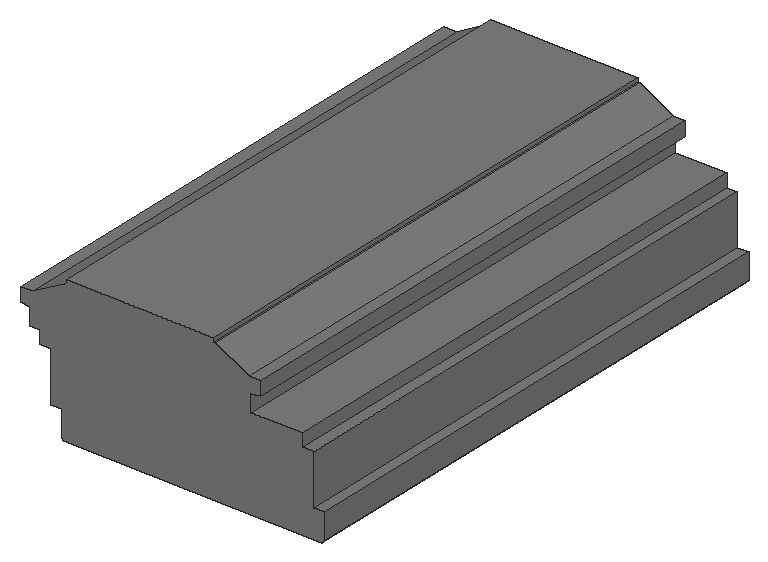
Revit family "HourdiBox PP Néo 120 Up 19 KW-1", category Equipement spécialisé, Revit 2016
Family settings
  Basée sur le plan de construction = Non
  Toujours verticalement = Oui
  Couper avec des vides une fois chargée = Non
  Partagée = Non
  Point de calcul de pièce = Non
Parameters (values of type "HourdiBox PP 120 Up 19")
  Up - SEAC GF 110 - SEAC GF 120 - SEAC GF 930 - SEAC GF 940 = 0.1900 W/(m·K)  # constant formula
  Up - RECTOR NR 130 = 0.1900 W/(m·K)  # constant formula
  Up - RECTOR NR 110 = 0.1900 W/(m·K)  # constant formula
  Up - LB7 - Série 1 = 0.1900 W/(m·K)  # constant formula
  Up - LB 7 - Série 2 = 0.1900 W/(m·K)  # constant formula
  Up - KP1 Leader 130 - KP1 Leader 140 = 0.1900 W/(m·K)  # constant formula
  Up - KP1 Leader 110 - KP1 Leader 115S - KP1 Leader x 110 = 0.1800 W/(m·K)  # constant formula
  Up - DURANDAL DF 110 - DURANDAL DF 130 - DURANDAL DF 140 = 0.1900 W/(m·K)  # constant formula
  URL = "http://www.isobox-isolation.fr/"
  Rp - SEAC GF 110 - SEAC GF 120 - SEAC GF 930 - SEAC GF 940 = 5.0000 (m²·K)/W  # constant formula
  Rp - RECTOR NR 110 = 5.0000 (m²·K)/W  # constant formula
  Rp - RECTOR NR 130 = 5.0000 (m²·K)/W  # constant formula
  Keynote = ""
  Model = "Entrevous 120 - UP 14 "  # constant formula
  Matériaux = Isolant PSE Entrevous
  Longueur = 1200 mm  # constant formula
  Largeur coupure 02 (base 10cm = 0) (par défaut) [instance] = 100 mm
  Largeur coupure 01 (base 10cm = 0) [instance] = 100 mm
  Longueur coupure (base 10cm = 0) [instance] = 100 mm
  Largeur = 688.5 mm  # constant formula
  Rp - LB7 - Série 1 = 5.0500 (m²·K)/W  # constant formula
  Rp - LB 7 - Série 2 = 5.0000 (m²·K)/W  # constant formula
  Rp - KP1 Leader 130 - KP1 Leader 140 = 5.0000 (m²·K)/W  # constant formula
  Rp - KP1 Leader 110 - KP1 Leader 115S - KP1 Leader x 110 = 5.0500 (m²·K)/W  # constant formula
  Fabricant = "Isobox"  # constant formula
  Epaisseur de languette = 136 mm  # constant formula
  Description = ""
  Rp - DURANDAL DF 110 - DURANDAL DF 130 - DURANDAL DF 140 = 5.0000 (m²·K)/W  # constant formula
  Coût = 0  # constant formula
Reference planes
  plane 1 "Centre (avant/arrière)": y = 0
  plane 2: z = 0
  plane 3 "Centre (gauche/droite)": x = 0
Forms (mm)
  Extrusion 1, solid, material "Isolant PSE Entrevous" <- "Matériaux"
    sketch origin (0, 0, 0) x (1, 0, 0) y (0, 0, 1)
      loop
        line (105.383, 0) -> (105.383, -9) -> (100.383, -9) -> (27.542, -50.647) -> (0, -50.647) -> (0, -82.012) -> (21.945, -84.319) -> (21.945, -122.995) -> (45, -122.995) -> (45, -152) -> (68.5, -152) -> (68.5, -266) -> (93.5, -266) -> (93.5, -325) -> (98.5, -330) -> (683.5, -330) -> (688.5, -325) -> (688.5, -266) -> (663.5, -266) -> (663.5, -152) -> (640, -152) -> (640, -123) -> (522.055, -123) -> (522.055, -84.319) -> (544, -82.012) -> (544, -50.647) -> (516.458, -50.647) -> (443.618, -9) -> (438.618, -9) -> (438.618, 0) -> (105.383, 0)
    from 0 to 1200
  Extrusion 2, void
    sketch origin (0, 0, 0) x (1, 0, 0) y (0, 1, 0)
      loop
        line (788.5, 0) -> (688.5, 0) -> (688.5, -1200) -> (788.5, -1200) -> (788.5, 0)
    from -330 to 0
  Extrusion 3, void
    sketch origin (0, 0, 0) x (1, 0, 0) y (0, 1, 0)
      loop
        line (0, -1200) -> (0, -1300) -> (688.5, -1300) -> (688.5, -1200) -> (0, -1200)
    from 0 to -330
  Extrusion 4, void
    sketch origin (-788.5, 0, 0) x (1, 0, 0) y (0, 1, 0)
      loop
        line (788.5, 0) -> (688.5, 0) -> (688.5, -1200) -> (788.5, -1200) -> (788.5, 0)
    from -330 to 0
Cuts and joins
  Extrusion 2, Extrusion 3, Extrusion 4 cuts Extrusion 1
Lines and regions (mm)
  reference lines
    curve 1: line (788.5, 160, 0) -> (788.5, -1440, 0)
    curve 2: line (-100, 0, 0) -> (-100, -1540, 0)
    curve 3: line (0, -1300, 0) -> (1520, -1300, 0)
Dimensions and locks
  locked: Extrusion 1 to Extrusion 1 at 688.5
  locked: Extrusion 1 to Extrusion 1 at 1200
  locked: Extrusion 1 to Extrusion 1 at 143
  "Largeur coupure 01 (base 10cm = 0)": Extrusion 2 to Extrusion 2
  locked: Extrusion 3 to Extrusion 3 at 688.5
  "Longueur coupure (base 10cm = 0)": Extrusion 3 to Extrusion 3
  "Largeur coupure 02 (base 10cm = 0) (par défaut)": Extrusion 4 to Extrusion 4
  cut or joined group of Extrusion 1, Extrusion 2, Extrusion 3, Extrusion 4 to cut or joined group of Extrusion 1, Extrusion 2, Extrusion 3, Extrusion 4 = 330 mm
  aligned and locked: level to plane 2
  aligned and locked: Extrusion 2 to curve 1
  aligned and locked: Extrusion 4 to curve 2
  aligned and locked: Extrusion 3 to curve 3
Automatic sketch dimensions
  Extrusion 1 sketch curve to plane 3 "Centre (gauche/droite)" = 0 mm
  Extrusion 1 sketch curve to level = 0 mm
  plane 3 "Centre (gauche/droite)" to Extrusion 1 sketch curve = 21.945 mm
  plane 3 "Centre (gauche/droite)" to Extrusion 1 sketch curve = 27.542 mm
  Extrusion 1 sketch curve to Extrusion 1 sketch curve = 23.055 mm
  plane 3 "Centre (gauche/droite)" to Extrusion 1 sketch curve = 68.5 mm
  Extrusion 1 sketch curve to Extrusion 1 sketch curve = 25 mm
  Extrusion 1 sketch curve to Extrusion 1 sketch curve = 5 mm  (x5)
  Extrusion 1 sketch curve to level = 9 mm  (x2)
  Extrusion 1 sketch curve to Extrusion 1 sketch curve = 72.84 mm  (x2)
  Extrusion 1 sketch curve to Extrusion 1 sketch curve = 333.235 mm
  Extrusion 1 sketch curve to Extrusion 1 sketch curve = 5.597 mm
  Extrusion 1 sketch curve to level = 82.012 mm
  Extrusion 1 sketch curve to Extrusion 1 sketch curve = 21.945 mm
  Extrusion 1 sketch curve to Extrusion 1 sketch curve = 96 mm
  Extrusion 1 sketch curve to Extrusion 1 sketch curve = 23.5 mm
  Extrusion 1 sketch curve to level = 330 mm
  Extrusion 1 sketch curve to Extrusion 1 sketch curve = 20 mm
  Extrusion 1 sketch curve to level = 325 mm
  Extrusion 1 sketch curve to Extrusion 1 sketch curve = 59 mm  (x2)
  Extrusion 1 sketch curve to Extrusion 1 sketch curve = 114 mm  (x2)
  Extrusion 1 sketch curve to Extrusion 1 sketch curve = 29 mm
  Extrusion 1 sketch curve to Extrusion 1 sketch curve = 29.005 mm
  Extrusion 1 sketch curve to Extrusion 1 sketch curve = 38.676 mm
  Extrusion 1 sketch curve to Extrusion 1 sketch curve = 2.307 mm  (x2)
  Extrusion 1 sketch curve to Extrusion 1 sketch curve = 33.672 mm  (x2)
  plane 1 "Centre (avant/arrière)" to Extrusion 2 sketch curve = 0 mm
  plane 3 "Centre (gauche/droite)" to Extrusion 2 sketch curve = 688.5 mm
  Extrusion 2 sketch curve to Extrusion 2 sketch curve = 100 mm
  plane 1 "Centre (avant/arrière)" to Extrusion 2 sketch curve = 1200 mm
  Extrusion 3 sketch curve to plane 3 "Centre (gauche/droite)" = 0 mm
  plane 3 "Centre (gauche/droite)" to Extrusion 3 sketch curve = 688.5 mm
  plane 1 "Centre (avant/arrière)" to Extrusion 3 sketch curve = 1300 mm
  Extrusion 3 sketch curve to Extrusion 3 sketch curve = 100 mm
  plane 1 "Centre (avant/arrière)" to Extrusion 4 sketch curve = 0 mm
  Extrusion 4 sketch curve to plane 3 "Centre (gauche/droite)" = 0 mm
  Extrusion 4 sketch curve to plane 3 "Centre (gauche/droite)" = 100 mm
  plane 1 "Centre (avant/arrière)" to Extrusion 4 sketch curve = 1200 mm
  plane 1 "Centre (avant/arrière)" to curve 2 = 0 mm
  curve 3 to plane 3 "Centre (gauche/droite)" = 0 mm
  curve 2 to plane 3 "Centre (gauche/droite)" = 100 mm
  plane 3 "Centre (gauche/droite)" to curve 1 = 788.5 mm
  curve 1 to curve 3 = 731.5 mm
  plane 1 "Centre (avant/arrière)" to curve 3 = 1300 mm
  curve 1 to curve 3 = 140 mm
  curve 2 to curve 3 = 240 mm
  curve 1 to plane 1 "Centre (avant/arrière)" = 160 mm
